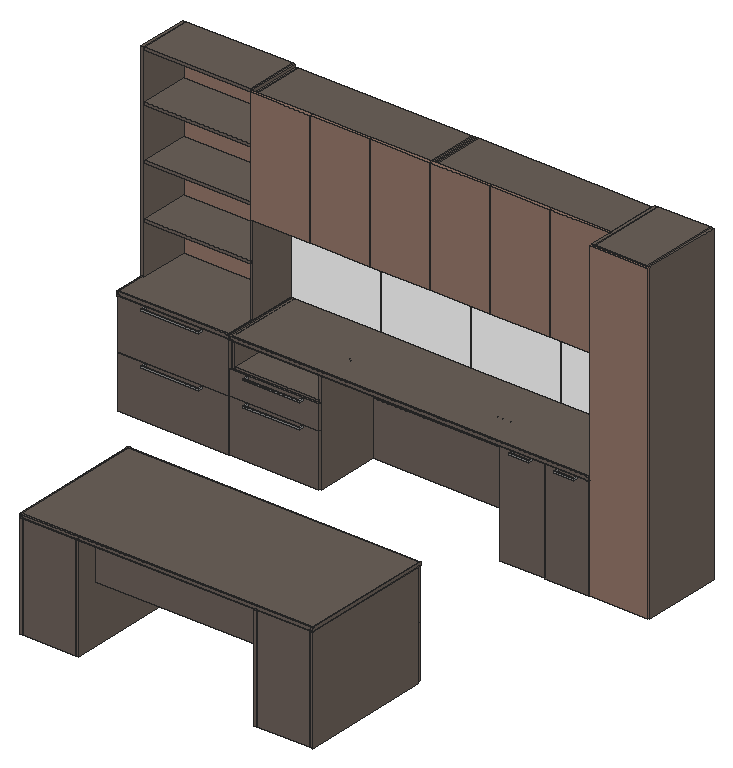
Revit family "OFS TYPICAL T100077", category Furniture, Revit 2022 (continued)
Definition of nested family "STAKS TWO-HIGH WALLMOUNT ORGANIZER WITH DOORS Three Doors"
  Forms (in)
    Extrusion 1, solid, material <- "Board Material"
      sketch origin (0, 0, 83.375) x (0, 1, 0) y (-1, 0, 0)
        loop
          line (-2.33365, -3.80498) -> (-15.33365, -3.80498) -> (-15.33365, -50.30498) -> (-2.33365, -50.30498) -> (-2.33365, -3.80498)
      from -28.5 to -29.25
    Extrusion 2, solid, material <- "Board Material"
      sketch origin (0, 0, 83.375) x (0, 1, 0) y (-1, 0, 0)
        loop
          line (-1.08365, -3.80498) -> (-1.08365, -3.05498) -> (-15.33365, -3.05498) -> (-15.33365, -3.80498) -> (-1.08365, -3.80498)
        loop
          line (-1.08365, -51.05498) -> (-1.08365, -50.30498) -> (-15.33365, -50.30498) -> (-15.33365, -51.05498) -> (-1.08365, -51.05498)
      from 0 to -30.5
    Extrusion 3, solid, material <- "Board Material"
      sketch origin (0, 0, 27.375) x (0, 1, 0) y (-1, 0, 0)
        loop
          line (-1.08365, -3.80498) -> (-15.33365, -3.80498) -> (-15.33365, -50.30498) -> (-1.08365, -50.30498) -> (-1.08365, -3.80498)
      from 56 to 54.9375
    Extrusion 4, solid, material <- "Back Material"
      sketch origin (30.99601, 21.63396, 83.375) x (0, 1, 0) y (-1, 0, 0)
        loop
          line (-23.21762, 27.19103) -> (-23.96762, 27.19103) -> (-23.96762, -19.30897) -> (-23.21762, -19.30897) -> (-23.21762, 27.19103)
      from -1.0625 to -30.5
    Extrusion 5, solid, material <- "Front Doors Material"
      sketch origin (15.4691, -10.89295, 83.375) x (0, 1, 0) y (-1, 0, 0)
        loop
          line (-4.4407, -19.5963) -> (-5.1907, -19.5963) -> (-5.1907, -35.52339) -> (-4.4407, -35.52339) -> (-4.4407, -19.5963)
      from 0.5 to -30
    Extrusion 6, solid, material <- "Front Doors Material"
      sketch origin (38.64087, -10.89295, 83.375) x (0, 1, 0) y (-1, 0, 0)
        loop
          line (-4.4407, 19.5963) -> (-4.4407, 35.52339) -> (-5.1907, 35.52339) -> (-5.1907, 19.5963) -> (-4.4407, 19.5963)
      from 0.5 to -30
    Extrusion 7, solid, material <- "Board Material"
      sketch origin (0, -9.75, 83.375) x (0, 1, 0) y (-1, 0, 0)
        loop
          line (-4.08365, -3.80498) -> (-4.83365, -3.80498) -> (-4.83365, -50.30498) -> (-4.08365, -50.30498) -> (-4.08365, -3.80498)
      from -29.25 to -30.5
    Extrusion 8, solid, material <- "Front Doors Material"
      sketch origin (50.64087, -10.89295, 83.375) x (0, 1, 0) y (-1, 0, 0)
        loop
          line (-4.4407, 15.63797) -> (-4.4407, 31.5338) -> (-5.1907, 31.5338) -> (-5.1907, 15.63797) -> (-4.4407, 15.63797)
      from 0.5 to -30
  Lines and regions (in)
    symbolic lines
      curve 1: arc (19.04456, -16.08365, 83.375) -> (18.95839, -17.73818, 83.375) -> (18.70081, -19.37481, 83.375) r 15.92708
      curve 2: line (18.70081, -19.37481, 83.375) -> (3.11748, -16.08365, 83.375)
      curve 3: arc (19.10706, -16.08365, 83.375) -> (19.19324, -17.73818, 83.375) -> (19.45081, -19.37481, 83.375) r 15.92708
      curve 4: line (19.45081, -19.37481, 83.375) -> (35.03415, -16.08365, 83.375)
      curve 5: arc (50.96123, -16.08365, 83.375) -> (50.87506, -17.73818, 83.375) -> (50.61748, -19.37481, 83.375) r 15.92708
      curve 6: line (50.61748, -19.37481, 83.375) -> (35.03415, -16.08365, 83.375)
  Dimensions and locks (in)
    "Width": plane 2 "LEFT" to plane 3 "RIGHT"
    "Height": plane 9 "SURFACE TOP" to plane 8
    "Board Thickness": plane 2 "LEFT" to plane 6
    "Board Thickness": plane 7 to plane 3 "RIGHT"
    "Height Above Floor": plane 9 "SURFACE TOP" to level
    equal spacing: plane 2 "LEFT", plane 10, plane 3 "RIGHT"
    "Top Board Thickness": plane 9 "SURFACE TOP" to plane 11
    equal spacing: plane 4 "BACK", plane 12, plane 5 "FRONT"
    equal spacing: plane 13, plane 12, plane 14
    "Board Thickness": plane 13 to plane 14
    equal spacing: plane 16, plane 10, plane 15
    "Board Thickness": plane 16 to plane 15
    "Depth": plane 17 to plane 18
    "Board Thickness": plane 17 to plane 4 "BACK"
    "Board Thickness": plane 5 "FRONT" to plane 18
    locked: plane 19 to plane 3 "RIGHT" at 0.0625
    locked: plane 2 "LEFT" to plane 20 at 0.0625
    plane 22 to plane 10 to plane 21 = 0' - 0 1/32" locked, 0' - 0 1/32" locked
    locked: plane 23 to plane 8 at 1.25
    "Board Thickness": plane 24 to plane 23
    locked: plane 17 to plane 25 at 0.5
    "Board Thickness": plane 25 to plane 26
    locked: plane 28 to plane 5 "FRONT" at 0.75
    "Board Thickness": plane 27 to plane 28
    equal spacing: plane 31, plane 29, plane 30
    "Board Thickness": plane 31 to plane 30
    plane 33 to plane 29 to plane 32 = 0' - 0 1/32" locked, 0' - 0 1/32" locked
    equal spacing: plane 36, plane 34, plane 35
    "Board Thickness": plane 36 to plane 35
    plane 38 to plane 34 to plane 37 = 0' - 0 1/32" locked, 0' - 0 1/32" locked
    equal spacing: plane 20, plane 34, plane 29, plane 19
    plane 40 to plane 9 "SURFACE TOP" = 0' - 0 1/2"
    locked: plane 39 to plane 8 at 0.5
    aligned: level to plane 1
    aligned and locked: plane 6 to Extrusion 1 sketch curve
    aligned and locked: plane 5 "FRONT" to Extrusion 1 sketch curve
    aligned and locked: Extrusion 1 sketch curve to plane 7
    aligned and locked: Extrusion 2 sketch curve to plane 5 "FRONT"
    aligned and locked: Extrusion 2 sketch curve to plane 2 "LEFT"
    aligned and locked: plane 3 "RIGHT" to Extrusion 2 sketch curve
    aligned and locked: plane 9 "SURFACE TOP" to Extrusion 3
    aligned and locked: Extrusion 3 to plane 11
    aligned and locked: Extrusion 3 to plane 5 "FRONT"
    aligned and locked: Extrusion 3 to plane 6
    aligned and locked: plane 7 to Extrusion 3
    aligned and locked: Extrusion 4 to plane 8
    aligned and locked: plane 5 "FRONT" to Extrusion 5
    aligned and locked: Extrusion 5 to plane 18
    aligned and locked: plane 5 "FRONT" to Extrusion 6
    aligned and locked: Extrusion 6 to plane 18
    aligned and locked: Extrusion 3 to plane 17
    aligned and locked: Extrusion 2 to plane 17
    aligned and locked: Extrusion 4 to plane 6
    aligned and locked: plane 7 to Extrusion 4
    aligned and locked: plane 11 to Extrusion 4
    aligned and locked: Extrusion 4 to plane 25
    aligned and locked: Extrusion 4 to plane 26
    aligned and locked: plane 26 to Extrusion 1
    aligned and locked: Extrusion 7 to plane 8
    aligned and locked: plane 23 to Extrusion 7
    aligned and locked: plane 28 to Extrusion 7
    aligned and locked: Extrusion 7 to plane 27
    aligned and locked: Extrusion 7 to plane 6
    aligned and locked: plane 7 to Extrusion 7
    aligned and locked: Extrusion 2 to plane 8
    aligned and locked: Extrusion 1 to plane 23
    aligned and locked: plane 24 to Extrusion 1
    aligned and locked: Extrusion 6 to plane 20
    aligned and locked: plane 19 to Extrusion 5
    aligned and locked: Extrusion 6 to plane 37
    aligned and locked: Extrusion 5 to plane 32
    aligned and locked: Extrusion 8 to plane 38
    aligned and locked: plane 33 to Extrusion 8
    aligned and locked: plane 5 "FRONT" to Extrusion 8
    aligned and locked: Extrusion 8 to plane 18
    aligned and locked: plane 35 to curve 1
    aligned and locked: Extrusion 6 to plane 39
    aligned and locked: Extrusion 8 to plane 39
    aligned and locked: Extrusion 5 to plane 39
    aligned and locked: plane 40 to Extrusion 6
    aligned and locked: plane 40 to Extrusion 8
    aligned and locked: plane 40 to Extrusion 5
  Automatic sketch dimensions
    Extrusion 1 sketch curve to plane 26 = 0' - 0"
    Extrusion 2 sketch curve to plane 5 "FRONT" = 0' - 0"
    Extrusion 2 sketch curve to plane 7 = 0' - 0"
    Extrusion 2 sketch curve to plane 17 = 0' - 0"  (x2)
    Extrusion 2 sketch curve to plane 6 = 0' - 0"
    Extrusion 3 sketch curve to plane 5 "FRONT" = 0' - 0"
    Extrusion 3 sketch curve to plane 6 = 0' - 0"
    Extrusion 3 sketch curve to plane 17 = 0' - 0"
    Extrusion 3 sketch curve to plane 7 = 0' - 0"
    Extrusion 4 sketch curve to plane 6 = 0' - 0"
    Extrusion 4 sketch curve to plane 26 = 0' - 0"
    Extrusion 4 sketch curve to plane 25 = 0' - 0"
    Extrusion 4 sketch curve to plane 7 = 0' - 0"
    Extrusion 5 sketch curve to plane 18 = 0' - 0"
    Extrusion 5 sketch curve to plane 5 "FRONT" = 0' - 0"
    Extrusion 5 sketch curve to plane 19 = 0' - 0"
    Extrusion 5 sketch curve to plane 32 = 0' - 0"
    curve 3 to curve 5 = 0' - 0"  (x2)
    curve 4 to plane 36 = 0' - 0"
    curve 4 to plane 18 = 0' - 0"
    curve 6 to plane 29 = 0' - 0"
    curve 3 to plane 18 = 0' - 0"
    curve 2 to plane 18 = 0' - 0"
    curve 1 to plane 18 = 0' - 0"
    curve 3 to plane 29 = 0' - 0"
    curve 3 to plane 38 = 0' - 0"
    curve 1 to plane 37 = 0' - 0"
    curve 1 to plane 20 = 0' - 0"
    curve 2 to plane 20 = 0' - 0"
    plane 7 to curve 6 = 0' - 0 5/16"
    curve 6 to plane 18 = 0' - 3.29116"
    Extrusion 6 sketch curve to plane 18 = 0' - 0"
    Extrusion 6 sketch curve to plane 5 "FRONT" = 0' - 0"
    Extrusion 6 sketch curve to plane 20 = 0' - 0"
    Extrusion 6 sketch curve to plane 37 = 0' - 0"
    Extrusion 7 sketch curve to plane 6 = 0' - 0"
    Extrusion 7 sketch curve to plane 28 = 0' - 0"
    Extrusion 7 sketch curve to plane 27 = 0' - 0"
    Extrusion 7 sketch curve to plane 7 = 0' - 0"
    Extrusion 8 sketch curve to plane 18 = 0' - 0"
    Extrusion 8 sketch curve to plane 5 "FRONT" = 0' - 0"
    Extrusion 8 sketch curve to plane 38 = 0' - 0"
    Extrusion 8 sketch curve to plane 33 = 0' - 0"
Definition of nested family "STAKS MODESTY PANEL - Veneer _ Wood Grain _ Frosted"
  Parameters (values of type "STAKS MODESTY PANEL FROSTED ACRYLIC 29.938-12")
    URL = "http://www.ofs.com"
    Thickness = 0' - 0 1/4"
    Width = 2' - 5 15/16"
    Model = "6-AMPA"
    Manufacturer = "OFS"
    WDVNR/PNT = no
    WDGRN/TFL = no
    FROSTED = yes
    Description = "OFS STAKS MODESTY PANEL FROSTED ACRYLIC 29.9375-12 X .75, For Desks or Worksurface Height Tops"
    Default Elevation = 0' - 0"
    Copyright © = "©OFS 2018"
    Catalog = "https://ofs.com/products/casegoods/private-office/staks"
    BRKT L/R = no
    BRKT CNTR = no
    Authoring Version = "Autodesk Revit Architecture 2013"
    Assembly Code = "E2020200"
  Types (12): name | Thickness | Width | Model | WDVNR/PNT | WDGRN/TFL | FROSTED | Description | BRKT L/R | BRKT CNTR
    STAKS MODESTY PANEL WOOD VENEER 29.938-12 | 0' - 0 3/4" | 2' - 5.938" | "6-WMPA" | yes | no | no | "OFS STAKS MODESTY PANEL WOOD VENEER 29.9375-12 X .75, For Desks or Worksurface Height Tops" | yes | no
    STAKS MODESTY PANEL WOOD VENEER 47.9375-30 | 0' - 0 3/4" | 3' - 11 15/16" | "6-WMPB" | yes | no | no | "OFS STAKS MODESTY PANEL WOOD VENEER 47.9375-30 X .75, For Desks or Worksurface Height Tops" | yes | no
    STAKS MODESTY PANEL WOOD VENEER 65.9375-48 | 0' - 0 3/4" | 5' - 5 15/16" | "6-WMPC" | yes | no | no | "OFS STAKS MODESTY PANEL WOOD VENEER 65.9375-48 X .75, For Desks or Worksurface Height Tops" | yes | no
    STAKS MODESTY PANEL WOOD VENEER 84-66 | 0' - 0 3/4" | 7' - 0" | "6-WMPD" | yes | no | no | "OFS STAKS MODESTY PANEL WOOD VENEER 84-66 X .75, For Desks or Worksurface Height Tops" | yes | yes
    STAKS MODESTY PANEL TFL WOOD GRAIN AND TFL SOLID COLORS 29.938-12 | 0' - 0 3/4" | 2' - 5 15/16" | "6-KMPA" | no | yes | no | "OFS STAKS MODESTY PANEL TFL WOOD GRAIN AND TFL SOLID COLORS 29.9375-12 X .75, For Desks or Worksurface Height Tops" | yes | no
    STAKS MODESTY PANEL TFL WOOD GRAIN AND TFL SOLID COLORS 47.9375-30 | 0' - 0 3/4" | 3' - 11 15/16" | "6-KMPB" | no | yes | no | "OFS STAKS MODESTY PANEL TFL WOOD GRAIN AND TFL SOLID COLORS 47.9375-30 X .75, For Desks or Worksurface Height Tops" | yes | no
    STAKS MODESTY PANEL TFL WOOD GRAIN AND TFL SOLID COLORS 65.9375-48 | 0' - 0 3/4" | 5' - 5 15/16" | "6-KMPC" | no | yes | no | "OFS STAKS MODESTY PANEL TFL WOOD GRAIN AND TFL SOLID COLORS 65.9375-48 X .75, For Desks or Worksurface Height Tops" | yes | no
    STAKS MODESTY PANEL TFL WOOD GRAIN AND TFL SOLID COLORS 84-66 | 0' - 0 3/4" | 7' - 0" | "6-KMPD" | no | yes | no | "OFS STAKS MODESTY PANEL TFL WOOD GRAIN AND TFL SOLID COLORS 84-66 X .75, For Desks or Worksurface Height Tops" | yes | yes
    STAKS MODESTY PANEL FROSTED ACRYLIC 29.938-12 | 0' - 0 1/4" | 2' - 5 15/16" | "6-AMPA" | no | no | yes | "OFS STAKS MODESTY PANEL FROSTED ACRYLIC 29.9375-12 X .75, For Desks or Worksurface Height Tops" | no | no
    STAKS MODESTY PANEL FROSTED ACRYLIC 47.938-30 | 0' - 0 1/4" | 3' - 11 15/16" | "6-AMPB" | no | no | yes | "OFS STAKS MODESTY PANEL FROSTED ACRYLIC 47.9375-30 X .75, For Desks or Worksurface Height Tops" | no | no
    STAKS MODESTY PANEL FROSTED ACRYLIC 65.938-48 | 0' - 0 1/4" | 5' - 5 15/16" | "6-AMPC" | no | no | yes | "OFS STAKS MODESTY PANEL FROSTED ACRYLIC 65.9375-48 X .75, For Desks or Worksurface Height Tops" | no | no
    STAKS MODESTY PANEL FROSTED ACRYLIC 84-66 | 0' - 0 1/4" | 7' - 0" | "6-AMPD" | no | no | yes | "OFS STAKS MODESTY PANEL FROSTED ACRYLIC 84-66 X .75, For Desks or Worksurface Height Tops" | no | no
  Reference planes (in)
    plane 1: z = 0
    plane 2 "Back": y = 1.62535
    plane 3 "MOUNTING LEVEL": z = 27.375
    plane 4 "RIGHT": x = -2.531
    plane 5: x = 12.43775
    plane 6: x = -17.49975
    plane 7: y = 1.37535
    plane 8: z = 26.875
    plane 9: z = 15.125
    plane 10: x = -14.12475
    plane 11: x = 9.06275
  Forms (in)
    Extrusion 1, solid, visible <- "WDVNR/PNT"
      sketch origin (-21.5, 2.25, 14.94485) x (0, 1, 0) y (0, 0, 1)
        loop
          line (-0.87465, 11.93015) -> (-0.87465, 0.18015) -> (-0.62465, 0.18015) -> (-0.62465, 11.93015) -> (-0.87465, 11.93015)
      from 4.00025 to 33.93775
    Extrusion 2, solid, visible <- "WDGRN/TFL"
      sketch origin (-21.65252, 0.50666, 14.94485) x (0, 1, 0) y (0, 0, 1)
        loop
          line (0.86869, 11.93015) -> (0.86869, 0.18015) -> (1.11869, 0.18015) -> (1.11869, 11.93015) -> (0.86869, 11.93015)
      from 4.15277 to 34.09027
    Extrusion 3, solid, not visible
      sketch origin (-21.65252, -2.24334, 14.94485) x (0, 1, 0) y (0, 0, 1)
        loop
          line (3.61869, 11.93015) -> (3.61869, 0.18015) -> (3.86869, 0.18015) -> (3.86869, 11.93015) -> (3.61869, 11.93015)
      from 4.15277 to 34.09027
    Extrusion 4, solid, visible <- "FROSTED"
      sketch origin (-21.65252, -5.24334, 14.94485) x (0, 1, 0) y (0, 0, 1)
        loop
          line (6.61869, 11.93015) -> (6.61869, 0.18015) -> (6.86869, 0.18015) -> (6.86869, 11.93015) -> (6.61869, 11.93015)
      from 4.15277 to 34.09027
  Lines and regions (in)
    Masking region 1, visible <- "WDVNR/PNT"
      outline origin (0, 0, 27.375) x (-1, 0, 0) y (0, -1, 0)
        loop
          line (17.49975, -1.62535) -> (17.49975, -1.37535) -> (-12.43775, -1.37535) -> (-12.43775, -1.62535) -> (17.49975, -1.62535)
    Masking region 2, visible <- "WDGRN/TFL"
      outline origin (-0.15252, -1.74334, 27.375) x (-1, 0, 0) y (0, -1, 0)
        loop
          line (17.34723, -3.36869) -> (17.34723, -3.11869) -> (-12.59027, -3.11869) -> (-12.59027, -3.36869) -> (17.34723, -3.36869)
    Masking region 3, not visible
      outline origin (-0.15252, -4.49334, 27.375) x (-1, 0, 0) y (0, -1, 0)
        loop
          line (17.34723, -6.11869) -> (17.34723, -5.86869) -> (-12.59027, -5.86869) -> (-12.59027, -6.11869) -> (17.34723, -6.11869)
    Masking region 4, visible <- "FROSTED"
      outline origin (-0.15252, -43.24334, 27.375) x (-1, 0, 0) y (0, -1, 0)
        loop
          line (17.34723, -44.86869) -> (17.34723, -44.61869) -> (-12.59027, -44.61869) -> (-12.59027, -44.86869) -> (17.34723, -44.86869)
    Masking region 5, visible <- "BRKT L/R"
      outline origin (0, 0, 27.375) x (-1, 0, 0) y (0, -1, 0)
        loop
          line (11.37475, -1.37535) -> (14.12475, -1.37535) -> (14.12475, -0.12535)
          arc (14.12475, -0.12535) -> (14.05153, 0.05143) -> (13.87475, 0.12465) r 0.25
          line (13.87475, 0.12465) -> (11.62475, 0.12465)
          arc (11.62475, 0.12465) -> (11.44797, 0.05143) -> (11.37475, -0.12535) r 0.25
          line (11.37475, -0.12535) -> (11.37475, -1.37535)
    Masking region 6, visible <- "BRKT CNTR"
      outline origin (11, 0, 27.375) x (-1, 0, 0) y (0, -1, 0)
        loop
          line (12.156, -1.37535) -> (14.906, -1.37535) -> (14.906, -0.12535)
          arc (14.906, -0.12535) -> (14.83278, 0.05143) -> (14.656, 0.12465) r 0.25
          line (14.656, 0.12465) -> (12.406, 0.12465)
          arc (12.406, 0.12465) -> (12.22922, 0.05143) -> (12.156, -0.12535) r 0.25
          line (12.156, -0.12535) -> (12.156, -1.37535)
    Masking region 7, visible <- "BRKT L/R"
      outline origin (23.25, 0, 27.375) x (-1, 0, 0) y (0, -1, 0)
        loop
          line (14.18725, -1.37535) -> (16.93725, -1.37535) -> (16.93725, -0.12535)
          arc (16.93725, -0.12535) -> (16.86403, 0.05143) -> (16.68725, 0.12465) r 0.25
          line (16.68725, 0.12465) -> (14.43725, 0.12465)
          arc (14.43725, 0.12465) -> (14.26047, 0.05143) -> (14.18725, -0.12535) r 0.25
          line (14.18725, -0.12535) -> (14.18725, -1.37535)
  Dimensions and locks (in)
    locked: plane 3 "MOUNTING LEVEL" to plane 1 at 27.375
    equal spacing: plane 6, plane 4 "RIGHT", plane 5
    "Width": plane 6 to plane 5
    "Thickness": plane 7 to plane 2 "Back"
    locked: plane 3 "MOUNTING LEVEL" to plane 8 at 0.5
    locked: plane 8 to plane 9 at 11.75
    locked: plane 6 to plane 10 at 3.375
    locked: plane 11 to plane 5 at 3.375
    aligned and locked: level to plane 1
    aligned and locked: Extrusion 1 to plane 6
    aligned and locked: Extrusion 1 to plane 2 "Back"
    aligned and locked: plane 7 to Extrusion 1
    aligned and locked: plane 5 to Extrusion 1
    aligned and locked: Extrusion 2 to plane 6
    aligned and locked: Masking region 2 to plane 6
    aligned and locked: plane 5 to Extrusion 2
    aligned and locked: plane 5 to Masking region 2
    aligned and locked: plane 5 to Extrusion 3
    aligned and locked: plane 5 to Masking region 3
    aligned and locked: Extrusion 3 to plane 6
    aligned and locked: Masking region 3 to plane 6
    aligned and locked: Extrusion 4 to plane 6
    aligned and locked: Masking region 4 to plane 6
    aligned and locked: plane 5 to Extrusion 4
    aligned and locked: plane 5 to Masking region 4
    aligned and locked: Extrusion 2 to plane 2 "Back"
    aligned and locked: Masking region 2 to plane 2 "Back"
    aligned and locked: plane 7 to Extrusion 2
    aligned and locked: plane 7 to Masking region 2
    aligned and locked: Extrusion 3 to plane 2 "Back"
    aligned and locked: Masking region 3 to plane 2 "Back"
    aligned and locked: plane 7 to Extrusion 3
    aligned and locked: plane 7 to Masking region 3
    aligned and locked: Extrusion 4 to plane 2 "Back"
    aligned and locked: Masking region 4 to plane 2 "Back"
    aligned and locked: plane 7 to Extrusion 4
    aligned and locked: plane 7 to Masking region 4
    aligned: plane 8 to Extrusion 4
    aligned: plane 8 to Extrusion 3
    aligned: plane 8 to Extrusion 2
    aligned and locked: plane 8 to Extrusion 1
    aligned and locked: Extrusion 4 to plane 9
    aligned and locked: Extrusion 3 to plane 9
    aligned and locked: Extrusion 2 to plane 9
    aligned and locked: Extrusion 1 to plane 9
    aligned and locked: plane 8 to Extrusion 4
    aligned and locked: plane 8 to Extrusion 3
    aligned and locked: plane 8 to Extrusion 2
    aligned and locked: plane 3 "MOUNTING LEVEL" to nested 1
    aligned and locked: plane 7 to nested 1
    aligned and locked: plane 3 "MOUNTING LEVEL" to nested 2
    aligned and locked: plane 3 "MOUNTING LEVEL" to nested 3
    aligned and locked: nested 2 to plane 10
    aligned and locked: nested 3 to plane 11
    aligned and locked: plane 7 to nested 2
    aligned and locked: plane 7 to nested 3
    aligned and locked: Masking region 6 to nested 1  (x2)
    aligned and locked: Masking region 7 to plane 11
    aligned and locked: Masking region 7 to nested 3
  Automatic sketch dimensions
    Extrusion 1 sketch curve to plane 7 = 0' - 0"
    Extrusion 1 sketch curve to plane 2 "Back" = 0' - 0"
    Extrusion 1 sketch curve to plane 9 = 0' - 0"
    Extrusion 1 sketch curve to plane 8 = 0' - 0"
    plane 2 "Back" to Masking region 1 sketch curve = 0' - 0"
    Masking region 1 sketch curve to plane 5 = 0' - 0"
    Masking region 1 sketch curve to plane 6 = 0' - 0"
    plane 7 to Masking region 1 sketch curve = 0' - 0"
    Extrusion 2 sketch curve to plane 7 = 0' - 0"
    Extrusion 2 sketch curve to plane 2 "Back" = 0' - 0"
    Extrusion 2 sketch curve to plane 9 = 0' - 0"
    Extrusion 2 sketch curve to plane 8 = 0' - 0"
    plane 2 "Back" to Masking region 2 sketch curve = 0' - 0"
    Masking region 2 sketch curve to plane 5 = 0' - 0"
    Masking region 2 sketch curve to plane 6 = 0' - 0"
    plane 7 to Masking region 2 sketch curve = 0' - 0"
    Extrusion 3 sketch curve to plane 7 = 0' - 0"
    Extrusion 3 sketch curve to plane 2 "Back" = 0' - 0"
    Extrusion 3 sketch curve to plane 9 = 0' - 0"
    Extrusion 3 sketch curve to plane 8 = 0' - 0"
    plane 2 "Back" to Masking region 3 sketch curve = 0' - 0"
    Masking region 3 sketch curve to plane 5 = 0' - 0"
    Masking region 3 sketch curve to plane 6 = 0' - 0"
    plane 7 to Masking region 3 sketch curve = 0' - 0"
    Extrusion 4 sketch curve to plane 7 = 0' - 0"
    Extrusion 4 sketch curve to plane 2 "Back" = 0' - 0"
    Extrusion 4 sketch curve to plane 9 = 0' - 0"
    Extrusion 4 sketch curve to plane 8 = 0' - 0"
    plane 2 "Back" to Masking region 4 sketch curve = 0' - 0"
    Masking region 4 sketch curve to plane 5 = 0' - 0"
    Masking region 4 sketch curve to plane 6 = 0' - 0"
    plane 7 to Masking region 4 sketch curve = 0' - 0"
    plane 7 to Masking region 5 sketch curve = 0' - 0"
    Masking region 5 sketch curve to plane 10 = 0' - 0"
    plane 10 to Masking region 5 sketch curve = 0' - 0 1/4"
    Masking region 5 sketch curve to Masking region 5 sketch curve = 0' - 2 1/4"
    Masking region 5 sketch curve to Masking region 5 sketch curve = 0' - 0 1/4"
    plane 7 to Masking region 5 sketch curve = 0' - 1 1/4"
    plane 7 to Masking region 6 sketch curve = 0' - 0"
    plane 4 "RIGHT" to Masking region 6 sketch curve = 0' - 1 3/8"
    Masking region 6 sketch curve to Masking region 6 sketch curve = 0' - 0 1/4"  (x2)
    Masking region 6 sketch curve to plane 4 "RIGHT" = 0' - 1 1/8"
    Masking region 6 sketch curve to Masking region 6 sketch curve = 0' - 1 1/4"
    plane 7 to Masking region 7 sketch curve = 0' - 0"
    plane 11 to Masking region 7 sketch curve = 0' - 0"
    Masking region 7 sketch curve to Masking region 7 sketch curve = 0' - 0 1/4"  (x2)
    Masking region 7 sketch curve to Masking region 7 sketch curve = 0' - 2 1/4"
    Masking region 7 sketch curve to Masking region 7 sketch curve = 0' - 1 1/4"
  Nested families (in)
    nested 1: "MP BRKT" at (-2.531, 1.37535, 25.375), visible <- "BRKT CNTR", type "6-MPB-1"
    nested 2: "MP BRKT" at (-12.74975, 1.37535, 25.375), visible <- "BRKT L/R", type "6-MPB-1"
    nested 3: "MP BRKT" at (7.68775, 1.37535, 25.375), visible <- "BRKT L/R", type "6-MPB-1"
  Definition of nested family "MP BRKT"
    Parameters
      Default Elevation = 0' - 0"
    Reference planes (in)
      plane 1 "Center (Front/Back)": y = 0
      plane 2: z = 0
      plane 3 "Center (Left/Right)": x = 0
    Forms (in)
      Extrusion 1, solid
        sketch origin (-1.375, 0, 0) x (0, 1, 0) y (0, 0, 1)
          loop
            line (0, 0) -> (0, 1.625)
            arc (0, 1.625) -> (-0.10983, 1.89017) -> (-0.375, 2) r 0.375
            line (-0.375, 2) -> (-1.5, 2) -> (-1.5, 1.75) -> (-0.375, 1.75)
            arc (-0.375, 1.75) -> (-0.28661, 1.71339) -> (-0.25, 1.625) r 0.125
            line (-0.25, 1.625) -> (-0.25, 0) -> (0, 0)
        from 0 to 2.75
      Extrusion 2, void
        sketch origin (0, 0, 0) x (1, 0, 0) y (0, 1, 0)
          loop
            line (-1.375, -1.5) -> (-1.125, -1.5)
            arc (-1.125, -1.5) -> (-1.30178, -1.42678) -> (-1.375, -1.25) r 0.25
            line (-1.375, -1.25) -> (-1.375, -1.5)
        from 1.75 to 2
      Extrusion 3, void
        sketch origin (0, 0, 0) x (-1, 0, 0) y (0, -1, 0)
          loop
            line (-1.375, 1.5) -> (-1.375, 1.25)
            arc (-1.375, 1.25) -> (-1.30178, 1.42678) -> (-1.125, 1.5) r 0.25
            line (-1.125, 1.5) -> (-1.375, 1.5)
        from 1.75 to 2
      Extrusion 4, void
        sketch origin (0, -2, 1.5) x (1, 0, 0) y (0, 0, -1)
          loop
            line (-1.375, 1.5) -> (-1.375, 1.25)
            arc (-1.375, 1.25) -> (-1.30178, 1.42678) -> (-1.125, 1.5) r 0.25
            line (-1.125, 1.5) -> (-1.375, 1.5)
        from 1.75 to 2
      Extrusion 5, void
        sketch origin (0, -2, 1.5) x (-1, 0, 0) y (0, 0, 1)
          loop
            line (-1.375, -1.5) -> (-1.125, -1.5)
            arc (-1.125, -1.5) -> (-1.30178, -1.42678) -> (-1.375, -1.25) r 0.25
            line (-1.375, -1.25) -> (-1.375, -1.5)
        from 1.75 to 2
    Cuts and joins
      Extrusion 2, Extrusion 3, Extrusion 4, Extrusion 5 cuts Extrusion 1
    Dimensions and locks (in)
      aligned and locked: Extrusion 1 to Extrusion 2
      aligned and locked: Extrusion 2 to Extrusion 1
Definition of nested family "OFS STAKS Desk Height Media Panels - Markerboard"
  Parameters (values of type "Desk Height Media Panel 43H")
    Width [instance] = 2' - 0"
    URL = "http://ofs.com/"
    Total Width [instance] = Width + Plus Fraction  # 2' - 0"
    Plus Fraction [instance] = 0' - 0"
    Panel Height = 3' - 7"
    Model = "6-L43MP"
    Manufacturer = "OFS"
    Height From Floor = 2' - 5"
    Finish = none
    Description = "OFS STAKS Desk Height Media Panel 31H"
    Depth = 0' - 1 3/8"
    Default Elevation = 0' - 0"
    Copyright © = "©OFS 2025"
    Catalog = ""
    Authoring Version = "Autodesk Revit 2022"
    Assembly Code = "E2020200"
  Types (6): name | Panel Height | Model | Description
    (no name) | 3' - 7" | "6-L43MP" | "OFS STAKS Desk Height Media Panel 31H"
    Desk Height Media Panel 24.5H | 2' - 0 1/2" | "6-L24MP" | "OFS STAKS Desk Height Media Panel 24.5H"
    Desk Height Media Panel 28H | 2' - 4" | "6-L28MP" | "OFS STAKS Desk Height Media Panel 28H"
    Desk Height Media Panel 31H | 2' - 7" | "6-L31MP" | "OFS STAKS Desk Height Media Panel 31H"
    Desk Height Media Panel 33H | 2' - 9" | "6-L33MP" | "OFS STAKS Desk Height Media Panel 31H"
    Desk Height Media Panel 43H | 3' - 7" | "6-L43MP" | "OFS STAKS Desk Height Media Panel 31H"
  Reference planes (in)
    plane 1 "Center Front/Back": y = 0
    plane 2: z = 0
    plane 3 "Center Left/Right": x = 0
    plane 4: x = 12
    plane 5: z = 72
    plane 6: z = 29
    plane 7: x = -12
    plane 8: y = -1.375
  Forms (in)
    Extrusion 1, solid, material <- "Finish"
      sketch origin (0, 0, 0) x (1, 0, 0) y (0, 1, 0)
        loop
          line (-12, 0) -> (-12, -1.375) -> (12, -1.375) -> (12, 0) -> (-12, 0)
      from 29 to 72
  Dimensions and locks (in)
    "Panel Height": plane 5 to plane 6
    "Height From Floor": plane 6 to level
    equal spacing: plane 7, plane 3 "Center Left/Right", plane 4
    "Width": plane 7 to plane 4
    "Depth": plane 8 to plane 1 "Center Front/Back"
    aligned and locked: level to plane 2
    aligned and locked: plane 8 to Extrusion 1 sketch curve
    aligned and locked: plane 1 "Center Front/Back" to Extrusion 1 sketch curve
    aligned and locked: plane 4 to Extrusion 1 sketch curve
    aligned and locked: plane 7 to Extrusion 1 sketch curve
    aligned and locked: Extrusion 1 to plane 5
    aligned and locked: Extrusion 1 to plane 6
Definition of nested family "STAKS BENCHING RECTANGULAR WORKSURFACES"
  Parameters (values of type "STAKS BENCHING RECTANGULAR WORKSURFACE 48 X 22")
    URL = "https://www.ofs.com/"
    SURFACE DEPTH = 1' - 10"
    Model = "6-MCT-48/22"
    Manufacturer = "OFS"
    Description = "OFS STAKS BENCHING 48 X 22 RECTANGULAR WORKSURFACE"
    SURFACE WIDTH = 4' - 0"
    Default Elevation = 0' - 0"
    Copyright © = "© 2018 OFS"
    Catalog = "https://ofs.com/products/open-plan/benching/staks"
    Authoring Version = "Autodesk Revit Architecture 2013"
    Assembly Code = "E2020200"
  Types (21): name | SURFACE DEPTH | Model | Description | SURFACE WIDTH
    STAKS BENCHING RECTANGULAR WORKSURFACE 48 X 22 | 1' - 10" | "6-MCT-48/22" | "OFS STAKS BENCHING 48 X 22 RECTANGULAR WORKSURFACE" | 4' - 0"
    STAKS BENCHING RECTANGULAR WORKSURFACE 60 X 22 | 1' - 10" | "6-MCT-60/22" | "OFS STAKS BENCHING 60 X 22 RECTANGULAR WORKSURFACE" | 5' - 0"
    STAKS BENCHING RECTANGULAR WORKSURFACE 72 X 22 | 1' - 10" | "6-MCT-72/22" | "OFS STAKS BENCHING 72 X 22 RECTANGULAR WORKSURFACE" | 6' - 0"
    STAKS BENCHING RECTANGULAR WORKSURFACE 60 X 36 | 3' - 0" | "6-MCT-60/36" | "OFS STAKS BENCHING 60 X 36 RECTANGULAR WORKSURFACE" | 5' - 0"
    STAKS BENCHING RECTANGULAR WORKSURFACE 72 X 36 | 3' - 0" | "6-MCT-72/36" | "OFS STAKS BENCHING 72 X 36 RECTANGULAR WORKSURFACE" | 6' - 0"
    STAKS BENCHING RECTANGULAR WORKSURFACE 60 X 30 | 2' - 6" | "6-MCT-60/30" | "OFS STAKS BENCHING 60 X 30 RECTANGULAR WORKSURFACE" | 5' - 0"
    STAKS BENCHING RECTANGULAR WORKSURFACE 72 X 30 | 2' - 6" | "6-MCT-72/30" | "OFS STAKS BENCHING 72 X 30 RECTANGULAR WORKSURFACE" | 6' - 0"
    STAKS BENCHING RECTANGULAR WORKSURFACE 48 X 30 | 2' - 6" | "6-MCT-48/30" | "OFS STAKS BENCHING 48 X 30 RECTANGULAR WORKSURFACE" | 4' - 0"
    STAKS BENCHING RECTANGULAR WORKSURFACE 48 X 36 | 3' - 0" | "6-MCT-48/36" | "OFS STAKS BENCHING 48 X 36 RECTANGULAR WORKSURFACE" | 4' - 0"
    STAKS BENCHING RECTANGULAR WORKSURFACE 54 X 22 | 1' - 10" | "6-MCT-54/22" | "OFS STAKS BENCHING 54 X 22 RECTANGULAR WORKSURFACE" | 4' - 6"
    STAKS BENCHING RECTANGULAR WORKSURFACE 66 X 22 | 1' - 10" | "6-MCT-66/22" | "OFS STAKS BENCHING 66 X 22 RECTANGULAR WORKSURFACE" | 5' - 6"
    STAKS BENCHING RECTANGULAR WORKSURFACE 78 X 22 | 1' - 10" | "6-MCT-78/22" | "OFS STAKS BENCHING 78 X 22 RECTANGULAR WORKSURFACE" | 6' - 6"
    STAKS BENCHING RECTANGULAR WORKSURFACE 84 X 22 | 1' - 10" | "6-MCT-84/22" | "OFS STAKS BENCHING 84 X 22 RECTANGULAR WORKSURFACE" | 7' - 0"
    STAKS BENCHING RECTANGULAR WORKSURFACE 54 X 30 | 2' - 6" | "6-MCT-54/30" | "OFS STAKS BENCHING 54 X 30 RECTANGULAR WORKSURFACE" | 4' - 6"
    STAKS BENCHING RECTANGULAR WORKSURFACE 66 X 30 | 2' - 6" | "6-MCT-66/30" | "OFS STAKS BENCHING 66 X 30 RECTANGULAR WORKSURFACE" | 5' - 6"
    STAKS BENCHING RECTANGULAR WORKSURFACE 78 X 30 | 2' - 6" | "6-MCT-78/30" | "OFS STAKS BENCHING 78 X 30 RECTANGULAR WORKSURFACE" | 6' - 6"
    STAKS BENCHING RECTANGULAR WORKSURFACE 84 X 30 | 2' - 6" | "6-MCT-84/30" | "OFS STAKS BENCHING 84 X 30 RECTANGULAR WORKSURFACE" | 7' - 0"
    STAKS BENCHING RECTANGULAR WORKSURFACE 54 X 36 | 3' - 0" | "6-MCT-54/36" | "OFS STAKS BENCHING 54 X 36 RECTANGULAR WORKSURFACE" | 4' - 6"
    STAKS BENCHING RECTANGULAR WORKSURFACE 66 X 36 | 3' - 0" | "6-MCT-66/36" | "OFS STAKS BENCHING 66 X 36 RECTANGULAR WORKSURFACE" | 5' - 6"
    STAKS BENCHING RECTANGULAR WORKSURFACE 78 X 36 | 3' - 0" | "6-MCT-78/36" | "OFS STAKS BENCHING 78 X 36 RECTANGULAR WORKSURFACE" | 6' - 6"
    STAKS BENCHING RECTANGULAR WORKSURFACE 84 X 36 | 3' - 0" | "6-MCT-84/36" | "OFS STAKS BENCHING 84 X 36 RECTANGULAR WORKSURFACE" | 6' - 6"
  Reference planes (in)
    plane 1: z = -0.125
    plane 2 "LEFT": x = 7.55498
    plane 3 "RIGHT": x = 55.55498
    plane 4 "BACK": y = -1.83365
    plane 5 "FRONT": y = -23.83365
    plane 6: x = 7.67998
    plane 7: x = 55.42998
    plane 8: y = -1.95865
    plane 9: y = -23.70865
    plane 10: z = 27.75
    plane 11 "SURFACE TOP": z = 28.875
  Forms (in)
    Extrusion 1, solid
      sketch origin (0, 0, 17.125) x (-1, 0, 0) y (0, -1, 0)
        loop
          line (-7.67998, 1.95865) -> (-7.67998, 23.70865) -> (-55.42998, 23.70865) -> (-55.42998, 1.95865) -> (-7.67998, 1.95865)
      from 11.75 to 10.625
    Sweep 2, solid
      path origin (0, 0, 28.875) x (0, 1, 0) y (-1, 0, 0)
        loop
          line (-23.83365, -7.55498) -> (-23.83365, -55.55498) -> (-1.83365, -55.55498) -> (-1.83365, -7.55498) -> (-23.83365, -7.55498)
      profile origin (31.55498, -23.83365, 28.875) x (0, 1, 0) y (0, 0, 1)
        loop
          arc (0.125, 0) -> (0.03661, -0.03661) -> (0, -0.125) r 0.125
          line (0, -0.125) -> (0, -1)
          arc (0, -1) -> (0.03661, -1.08839) -> (0.125, -1.125) r 0.125
          line (0.125, -1.125) -> (0.125, 0)
  Lines and regions (in)
    Masking region 1
      outline origin (0, 0, 16.625) x (-1, 0, 0) y (0, -1, 0)
        loop
          line (-7.67998, 1.95865) -> (-7.55498, 1.83365) -> (-7.55498, 23.83365) -> (-7.67998, 23.70865) -> (-7.67998, 1.95865)
    Masking region 2
      outline origin (0, 0, 16.625) x (-1, 0, 0) y (0, -1, 0)
        loop
          line (-7.55498, 1.83365) -> (-7.67998, 1.95865) -> (-55.42998, 1.95865) -> (-55.55498, 1.83365) -> (-7.55498, 1.83365)
    Masking region 3
      outline origin (0, 0, 16.625) x (-1, 0, 0) y (0, -1, 0)
        loop
          line (-55.55498, 1.83365) -> (-55.42998, 1.95865) -> (-55.42998, 23.70865) -> (-55.55498, 23.83365) -> (-55.55498, 1.83365)
    Masking region 4
      outline origin (0, 0, 16.625) x (-1, 0, 0) y (0, -1, 0)
        loop
          line (-55.55498, 23.83365) -> (-55.42998, 23.70865) -> (-7.67998, 23.70865) -> (-7.55498, 23.83365) -> (-55.55498, 23.83365)
    Masking region 5
      outline origin (0, 0, 16.625) x (-1, 0, 0) y (0, -1, 0)
        loop
          line (-55.42998, 23.70865) -> (-55.42998, 1.95865) -> (-7.67998, 1.95865) -> (-7.67998, 23.70865) -> (-55.42998, 23.70865)
  Dimensions and locks (in)
    "SURFACE DEPTH": plane 4 "BACK" to plane 5 "FRONT"
    "SURFACE WIDTH": plane 2 "LEFT" to plane 3 "RIGHT"
    locked: plane 11 "SURFACE TOP" to plane 10 at 1.125
    locked: plane 4 "BACK" to plane 8 at 0.125
    locked: plane 2 "LEFT" to plane 6 at 0.125
    locked: plane 7 to plane 3 "RIGHT" at 0.125
    locked: plane 9 to plane 5 "FRONT" at 0.125
    aligned: level to plane 1
    aligned and locked: plane 8 to Extrusion 1 sketch curve
    aligned and locked: Extrusion 1 sketch curve to plane 6
    aligned and locked: Extrusion 1 sketch curve to plane 9
    aligned and locked: plane 7 to Extrusion 1 sketch curve
    aligned and locked: plane 11 "SURFACE TOP" to Extrusion 1
    aligned and locked: Extrusion 1 to plane 10
    aligned and locked: Sweep 2 sketch curve to plane 5 "FRONT"
    aligned and locked: Sweep 2 sketch curve to plane 2 "LEFT"
    aligned and locked: plane 4 "BACK" to Sweep 2 sketch curve
    aligned and locked: plane 3 "RIGHT" to Sweep 2 sketch curve
  Automatic sketch dimensions
    Masking region 1 sketch curve to plane 6 = 0' - 0"
    Masking region 1 sketch curve to plane 2 "LEFT" = 0' - 0"
    Masking region 1 sketch curve to plane 4 "BACK" = 0' - 0"
    Masking region 1 sketch curve to plane 8 = 0' - 0"
    Masking region 1 sketch curve to plane 9 = 0' - 0"
    Masking region 1 sketch curve to plane 5 "FRONT" = 0' - 0"
    Masking region 2 sketch curve to plane 3 "RIGHT" = 0' - 0"
    Masking region 2 sketch curve to plane 7 = 0' - 0"
    Masking region 2 sketch curve to plane 6 = 0' - 0"
    Masking region 2 sketch curve to plane 2 "LEFT" = 0' - 0"
    Masking region 2 sketch curve to plane 4 "BACK" = 0' - 0"
    Masking region 2 sketch curve to plane 8 = 0' - 0"
    Masking region 3 sketch curve to plane 3 "RIGHT" = 0' - 0"
    Masking region 3 sketch curve to plane 7 = 0' - 0"
    Masking region 3 sketch curve to plane 4 "BACK" = 0' - 0"
    Masking region 3 sketch curve to plane 8 = 0' - 0"
    Masking region 3 sketch curve to plane 9 = 0' - 0"
    Masking region 3 sketch curve to plane 5 "FRONT" = 0' - 0"
    Masking region 4 sketch curve to plane 3 "RIGHT" = 0' - 0"
    Masking region 4 sketch curve to plane 7 = 0' - 0"
    Masking region 4 sketch curve to plane 6 = 0' - 0"
    Masking region 4 sketch curve to plane 2 "LEFT" = 0' - 0"
    Masking region 4 sketch curve to plane 9 = 0' - 0"
    Masking region 4 sketch curve to plane 5 "FRONT" = 0' - 0"
    Masking region 5 sketch curve to plane 7 = 0' - 0"
    Masking region 5 sketch curve to plane 6 = 0' - 0"
    Masking region 5 sketch curve to plane 8 = 0' - 0"
    Masking region 5 sketch curve to plane 9 = 0' - 0"
    Sweep 2 sketch curve to profile plane = 0' - 0"
    Sweep 2 sketch curve to plane 11 "SURFACE TOP" = 0' - 0"
    Sweep 2 sketch curve to profile plane = 0' - 0 1/8"
    Sweep 2 sketch curve to Sweep 2 sketch curve = 0' - 0 7/8"
Definition of nested family "STAKS RECTANGULAR WORKSURFACES Long Grain"
  Parameters (values of type "STAKS RECTANGULAR WORKSURFACE 15.625 x 22")
    URL = "http://www.ofs.com/"
    Height Above Floor [instance] = 2' - 5"
    Height = 0' - 1 1/8"
    Depth = 1' - 10"
    Model = "6-MCT-15.625/22"
    Manufacturer = "OFS"
    Description = "OFS STAKS 15.625 X 22 RECTANGULAR WORKSURFACE For Worksurface or Low Height Applications, Long Grain"
    Width = 1' - 3 5/8"
    Default Elevation = 0' - 0"
    Copyright © = "© 2018 OFS"
    Catalog = "https://ofs.com/products/casegoods/private-office/staks"
    Authoring Version = "Autodesk Revit Architecture 2013"
    Assembly Code = "E2020200"
  Types (26): name | Model | Description | Width
    STAKS RECTANGULAR WORKSURFACE 15.625 x 22 | "6-MCT-15.625/22" | "OFS STAKS 15.625 X 22 RECTANGULAR WORKSURFACE For Worksurface or Low Height Applications, Long Grain" | 1' - 3 5/8"
    STAKS RECTANGULAR WORKSURFACE 24 x 22 | "6-MCT-24/22" | "OFS STAKS 24 X 22 RECTANGULAR WORKSURFACE For Worksurface or Low Height Applications, Long Grain" | 2' - 0"
    STAKS RECTANGULAR WORKSURFACE 30 x 22 | "6-MCT-30/22" | "OFS STAKS 30 X 22 RECTANGULAR WORKSURFACE For Worksurface or Low Height Applications, Long Grain" | 2' - 6"
    STAKS RECTANGULAR WORKSURFACE 34 x 22 | "6-MCT-34/22" | "OFS STAKS 34 X 22 RECTANGULAR WORKSURFACE For Worksurface or Low Height Applications, Long Grain" | 2' - 10"
    STAKS RECTANGULAR WORKSURFACE 36 x 22 | "6-MCT-36/22" | "OFS STAKS 36 X 22 RECTANGULAR WORKSURFACE For Worksurface or Low Height Applications, Long Grain" | 3' - 0"
    STAKS RECTANGULAR WORKSURFACE 42 x 22 | "6-MCT-42/22" | "OFS STAKS 42 X 22 RECTANGULAR WORKSURFACE For Worksurface or Low Height Applications, Long Grain" | 3' - 6"
    STAKS RECTANGULAR WORKSURFACE 46 x 22 | "6-MCT-46/22" | "OFS STAKS 46 X 22 RECTANGULAR WORKSURFACE For Worksurface or Low Height Applications, Long Grain" | 3' - 10"
    STAKS RECTANGULAR WORKSURFACE 48 x 22 | "6-MCT-48/22" | "OFS STAKS 48 X 22 RECTANGULAR WORKSURFACE For Worksurface or Low Height Applications, Long Grain" | 4' - 0"
    STAKS RECTANGULAR WORKSURFACE 48.5 x 22 | "6-MCT-48.5/22" | "OFS STAKS 48.5 X 22 RECTANGULAR WORKSURFACE For Worksurface or Low Height Applications, Long Grain" | 4' - 0 1/2"
    STAKS RECTANGULAR WORKSURFACE 54 x 22 | "6-MCT-54/22" | "OFS STAKS 54 X 22 RECTANGULAR WORKSURFACE For Worksurface or Low Height Applications, Long Grain" | 4' - 6"
    STAKS RECTANGULAR WORKSURFACE 55.5 x 22 | "6-MCT-55.5/22" | "OFS STAKS 55.5 X 22 RECTANGULAR WORKSURFACE For Worksurface or Low Height Applications, Long Grain" | 4' - 7 1/2"
    STAKS RECTANGULAR WORKSURFACE 59 x 22 | "6-MCT-59/22" | "OFS STAKS 59 X 22 RECTANGULAR WORKSURFACE For Worksurface or Low Height Applications, Long Grain" | 4' - 11"
    STAKS RECTANGULAR WORKSURFACE 60 x 22 | "6-MCT-60/22" | "OFS STAKS 60 X 22 RECTANGULAR WORKSURFACE For Worksurface or Low Height Applications, Long Grain" | 5' - 0"
    STAKS RECTANGULAR WORKSURFACE 64 x 22 | "6-MCT-64/22" | "OFS STAKS 64 X 22 RECTANGULAR WORKSURFACE For Worksurface or Low Height Applications, Long Grain" | 5' - 4"
    STAKS RECTANGULAR WORKSURFACE 66 x 22 | "6-MCT-66/22" | "OFS STAKS 66 X 22 RECTANGULAR WORKSURFACE For Worksurface or Low Height Applications, Long Grain" | 5' - 6"
    STAKS RECTANGULAR WORKSURFACE 69.625 x 22 | "6-MCT-69.625/22" | "OFS STAKS 69.625 X 22 RECTANGULAR WORKSURFACE For Worksurface or Low Height Applications, Long Grain" | 5' - 9 5/8"
    STAKS RECTANGULAR WORKSURFACE 70.5 x 22 | "6-MCT-70.5/22" | "OFS STAKS 70.5 X 22 RECTANGULAR WORKSURFACE For Worksurface or Low Height Applications, Long Grain" | 5' - 10 1/2"
    STAKS RECTANGULAR WORKSURFACE 72 x 22 | "6-MCT-72/22" | "OFS STAKS 72 X 22 RECTANGULAR WORKSURFACE For Worksurface or Low Height Applications, Long Grain" | 6' - 0"
    STAKS RECTANGULAR WORKSURFACE 74 x 22 | "6-MCT-74/22" | "OFS STAKS 74 X 22 RECTANGULAR WORKSURFACE For Worksurface or Low Height Applications, Long Grain" | 6' - 2"
    STAKS RECTANGULAR WORKSURFACE 78 x 22 | "6-MCT-78/22" | "OFS STAKS 78 X 22 RECTANGULAR WORKSURFACE For Worksurface or Low Height Applications, Long Grain" | 6' - 6"
    STAKS RECTANGULAR WORKSURFACE 82.5 x 22 | "6-MCT-82.5/22" | "OFS STAKS 82.5 X 22 RECTANGULAR WORKSURFACE For Worksurface or Low Height Applications, Long Grain" | 6' - 10 1/2"
    STAKS RECTANGULAR WORKSURFACE 84 x 22 | "6-MCT-84/22" | "OFS STAKS 84 X 22 RECTANGULAR WORKSURFACE For Worksurface or Low Height Applications, Long Grain" | 7' - 0"
    STAKS RECTANGULAR WORKSURFACE 87.625 x 22 | "6-MCT-87.625/22" | "OFS STAKS 87.625 X 22 RECTANGULAR WORKSURFACE For Worksurface or Low Height Applications, Long Grain" | 7' - 3 5/8"
    STAKS RECTANGULAR WORKSURFACE 90 x 22 | "6-MCT-90/22" | "OFS STAKS 90 X 22 RECTANGULAR WORKSURFACE For Worksurface or Low Height Applications, Long Grain" | 7' - 6"
    STAKS RECTANGULAR WORKSURFACE 94 x 22 | "6-MCT-94/22" | "OFS STAKS 94 X 22 RECTANGULAR WORKSURFACE For Worksurface or Low Height Applications, Long Grain" | 7' - 10"
    STAKS RECTANGULAR WORKSURFACE 96 x 22 | "6-MCT-96/22" | "OFS STAKS 96 X 22 RECTANGULAR WORKSURFACE For Worksurface or Low Height Applications, Long Grain" | 8' - 0"
  Reference planes (in)
    plane 1: z = -0.125
    plane 2 "LEFT": x = 7.55498
    plane 3 "RIGHT": x = 23.17998
    plane 4 "BACK": y = -1.83365
    plane 5 "FRONT": y = -23.83365
    plane 6: x = 7.67998
    plane 7: x = 23.05498
    plane 8: y = -1.95865
    plane 9: y = -23.70865
    plane 10: z = 27.75
    plane 11 "SURFACE TOP": z = 28.875
  Forms (in)
    Extrusion 1, solid
      sketch origin (0, 0, 17.125) x (-1, 0, 0) y (0, -1, 0)
        loop
          line (-7.67998, 1.95865) -> (-7.67998, 23.70865) -> (-23.05498, 23.70865) -> (-23.05498, 1.95865) -> (-7.67998, 1.95865)
      from 11.75 to 10.625
    Sweep 2, solid
      path origin (0, 0, 28.875) x (0, 1, 0) y (-1, 0, 0)
        loop
          line (-23.83365, -7.55498) -> (-23.83365, -23.17998) -> (-1.83365, -23.17998) -> (-1.83365, -7.55498) -> (-23.83365, -7.55498)
      profile origin (15.36748, -23.83365, 28.875) x (0, 1, 0) y (0, 0, 1)
        loop
          arc (0.125, 0) -> (0.03661, -0.03661) -> (0, -0.125) r 0.125
          line (0, -0.125) -> (0, -1)
          arc (0, -1) -> (0.03661, -1.08839) -> (0.125, -1.125) r 0.125
          line (0.125, -1.125) -> (0.125, 0)
  Lines and regions (in)
    Masking region 1
      outline origin (0, 0, 16.625) x (-1, 0, 0) y (0, -1, 0)
        loop
          line (-7.67998, 1.95865) -> (-7.55498, 1.83365) -> (-7.55498, 23.83365) -> (-7.67998, 23.70865) -> (-7.67998, 1.95865)
    Masking region 2
      outline origin (0, 0, 16.625) x (-1, 0, 0) y (0, -1, 0)
        loop
          line (-7.55498, 1.83365) -> (-7.67998, 1.95865) -> (-23.05498, 1.95865) -> (-23.17998, 1.83365) -> (-7.55498, 1.83365)
    Masking region 3
      outline origin (0, 0, 16.625) x (-1, 0, 0) y (0, -1, 0)
        loop
          line (-23.17998, 1.83365) -> (-23.05498, 1.95865) -> (-23.05498, 23.70865) -> (-23.17998, 23.83365) -> (-23.17998, 1.83365)
    Masking region 4
      outline origin (0, 0, 16.625) x (-1, 0, 0) y (0, -1, 0)
        loop
          line (-23.17998, 23.83365) -> (-23.05498, 23.70865) -> (-7.67998, 23.70865) -> (-7.55498, 23.83365) -> (-23.17998, 23.83365)
    Masking region 5
      outline origin (0, 0, 16.625) x (-1, 0, 0) y (0, -1, 0)
        loop
          line (-23.05498, 23.70865) -> (-23.05498, 1.95865) -> (-7.67998, 1.95865) -> (-7.67998, 23.70865) -> (-23.05498, 23.70865)
  Dimensions and locks (in)
    "Depth": plane 4 "BACK" to plane 5 "FRONT"
    "Width": plane 2 "LEFT" to plane 3 "RIGHT"
    "Height": plane 11 "SURFACE TOP" to plane 10
    locked: plane 4 "BACK" to plane 8 at 0.125
    locked: plane 2 "LEFT" to plane 6 at 0.125
    locked: plane 7 to plane 3 "RIGHT" at 0.125
    locked: plane 9 to plane 5 "FRONT" at 0.125
    "Height Above Floor": plane 11 "SURFACE TOP" to level
    aligned: level to plane 1
    aligned and locked: plane 8 to Extrusion 1 sketch curve
    aligned and locked: Extrusion 1 sketch curve to plane 6
    aligned and locked: Extrusion 1 sketch curve to plane 9
    aligned and locked: plane 7 to Extrusion 1 sketch curve
    aligned and locked: plane 11 "SURFACE TOP" to Extrusion 1
    aligned and locked: Extrusion 1 to plane 10
    aligned and locked: Sweep 2 sketch curve to plane 5 "FRONT"
    aligned and locked: Sweep 2 sketch curve to plane 2 "LEFT"
    aligned and locked: plane 4 "BACK" to Sweep 2 sketch curve
    aligned and locked: plane 3 "RIGHT" to Sweep 2 sketch curve
  Automatic sketch dimensions
    Masking region 1 sketch curve to plane 6 = 0' - 0"
    Masking region 1 sketch curve to plane 2 "LEFT" = 0' - 0"
    Masking region 1 sketch curve to plane 4 "BACK" = 0' - 0"
    Masking region 1 sketch curve to plane 8 = 0' - 0"
    Masking region 1 sketch curve to plane 9 = 0' - 0"
    Masking region 1 sketch curve to plane 5 "FRONT" = 0' - 0"
    Masking region 2 sketch curve to plane 3 "RIGHT" = 0' - 0"
    Masking region 2 sketch curve to plane 7 = 0' - 0"
    Masking region 2 sketch curve to plane 6 = 0' - 0"
    Masking region 2 sketch curve to plane 2 "LEFT" = 0' - 0"
    Masking region 2 sketch curve to plane 4 "BACK" = 0' - 0"
    Masking region 2 sketch curve to plane 8 = 0' - 0"
    Masking region 3 sketch curve to plane 3 "RIGHT" = 0' - 0"
    Masking region 3 sketch curve to plane 7 = 0' - 0"
    Masking region 3 sketch curve to plane 4 "BACK" = 0' - 0"
    Masking region 3 sketch curve to plane 8 = 0' - 0"
    Masking region 3 sketch curve to plane 9 = 0' - 0"
    Masking region 3 sketch curve to plane 5 "FRONT" = 0' - 0"
    Masking region 4 sketch curve to plane 3 "RIGHT" = 0' - 0"
    Masking region 4 sketch curve to plane 7 = 0' - 0"
    Masking region 4 sketch curve to plane 6 = 0' - 0"
    Masking region 4 sketch curve to plane 2 "LEFT" = 0' - 0"
    Masking region 4 sketch curve to plane 9 = 0' - 0"
    Masking region 4 sketch curve to plane 5 "FRONT" = 0' - 0"
    Masking region 5 sketch curve to plane 7 = 0' - 0"
    Masking region 5 sketch curve to plane 6 = 0' - 0"
    Masking region 5 sketch curve to plane 8 = 0' - 0"
    Masking region 5 sketch curve to plane 9 = 0' - 0"
    Sweep 2 sketch curve to profile plane = 0' - 0"
    Sweep 2 sketch curve to plane 11 "SURFACE TOP" = 0' - 0"
    Sweep 2 sketch curve to profile plane = 0' - 0 1/8"
    Sweep 2 sketch curve to Sweep 2 sketch curve = 0' - 0 7/8"
Definition of nested family "STAKS LATERAL FILE WITH TOP Two Drawers"
  Parameters (values of type "STAKS LATERAL FILE WITH TOP Two Drawers 24in")
    URL = "http://www.ofs.com/"
    Top Surface Thickness = 0' - 1 1/8"
    Top Color = none
    Riser Support = 0' - 0"
    Model = "6-N2429LF2"
    Manufacturer = "OFS"
    Height = 2' - 5"
    Edge Material = none
    Drawer Material = none
    Drawer Handle Width = 1' - 3 1/2"
    Drawer Handle Material = none
    Description = "OFS STAKS LATERAL FILE WITH TOP Two Drawers 24in, Freestanding Two Lateral File Drawers for Letter or Legal Filing"
    Width = 2' - 0"
    Depth = 1' - 10"
    Default Elevation = 0' - 0"
    DH2 = 0' - 6 1/2"
    DH1 = 1' - 2 3/8"
    Copyright © = "© 2018 OFS"
    Chasis Material = none
    Catalog = "https://ofs.com/products/casegoods/private-office/staks"
    Board Thickness = 0' - 0 3/4"
    Authoring Version = "Autodesk Revit Architecture 2013"
    Assembly Code = "E2020200"
  Types (3): name | Model | Description | Width
    STAKS LATERAL FILE WITH TOP Two Drawers 24in | "6-N2429LF2" | "OFS STAKS LATERAL FILE WITH TOP Two Drawers 24in, Freestanding Two Lateral File Drawers for Letter or Legal Filing" | 2' - 0"
    STAKS LATERAL FILE WITH TOP Two Drawers 36in | "6-N3629LF2" | "OFS STAKS LATERAL FILE WITH TOP Two Drawers 36in, Freestanding Two Lateral File Drawers for Letter or Legal Filing" | 3' - 0"
    STAKS LATERAL FILE WITH TOP Two Drawers 30in | "6-N3029LF2" | "OFS STAKS LATERAL FILE WITH TOP Two Drawers 30in, Freestanding Two Lateral File Drawers for Letter or Legal Filing" | 2' - 6"
  Reference planes (in)
    plane 1: z = 0
    plane 2 "Right": x = 20.97711
    plane 3: z = 27.875
    plane 4: z = 14.375
    plane 5: z = 14.25
    plane 6: z = 0
    plane 7: z = 14
    plane 8: z = 27.625
    plane 9: z = 13.531
    plane 10: z = 27.15625
    plane 11: x = 8.97711
    plane 12: y = -1.24965
    plane 13: y = -1.99965
    plane 14: x = 9.16461
    plane 15: x = 32.78961
    plane 16: x = 9.72711
    plane 17: y = 20.00035
    plane 18: x = 32.97711
    plane 19: x = 32.22711
    plane 20: x = 13.22711
    plane 21: x = 13.60211
    plane 22: x = 28.72711
    plane 23: x = 28.35211
    plane 24: y = -2.81215
    plane 25: y = -2.99965
    plane 26: z = 0.25
    plane 27: y = 19.25035
    plane 28: z = 0.75
    plane 29: z = 29
    plane 30: y = 19.81285
    plane 31: y = -1.81215
  Forms (in)
    Extrusion 1, solid, material <- "Drawer Material"
      sketch origin (20.35211, 5, -13.1802) x (0, 1, 0) y (0, 0, 1)
        loop
          line (-6.99965, 27.4302) -> (-6.99965, 13.4302) -> (-6.24965, 13.4302) -> (-6.24965, 27.4302) -> (-6.99965, 27.4302)
      from -11.1875 to 12.4375
    Extrusion 2, solid, material <- "Drawer Material"
      sketch origin (20.35211, 2.25, -7.68015) x (0, 1, 0) y (0, 0, 1)
        loop
          line (-4.24965, 35.55515) -> (-4.24965, 22.05515) -> (-3.49965, 22.05515) -> (-3.49965, 35.55515) -> (-4.24965, 35.55515)
      from -11.1875 to 12.4375
    Extrusion 3, solid, material <- "Chasis Material"
      sketch origin (-3, -1.24965, 0) x (1, 0, 0) y (0, 0, 1)
        loop
          line (11.97711, 0) -> (12.72711, 0) -> (12.72711, 27.875) -> (11.97711, 27.875) -> (11.97711, 0)
      from -21.25 to 0
    Extrusion 4, solid, material <- "Chasis Material"
      sketch origin (19.35211, 31.02324, 0) x (0, 1, 0) y (0, 0, 1)
        loop
          line (-11.77289, 0) -> (-11.02289, 0) -> (-11.02289, 27.875) -> (-11.77289, 27.875) -> (-11.77289, 0)
      from -9.625 to 12.875
    Extrusion 5, solid, material <- "Drawer Handle Material"
      sketch origin (9, 0, 9.60933) x (1, 0, 0) y (0, 1, 0)
        loop
          line (4.22711, -1.99965) -> (4.22711, -2.99965) -> (19.72711, -2.99965) -> (19.72711, -1.99965) -> (19.35211, -1.99965) -> (19.35211, -2.81215) -> (4.60211, -2.81215) -> (4.60211, -1.99965) -> (4.22711, -1.99965)
      from 3.92167 to 4.39067
    Extrusion 6, solid, material <- "Drawer Handle Material"
      sketch origin (9, 0, 20.67137) x (1, 0, 0) y (0, 1, 0)
        loop
          line (4.22711, -1.99965) -> (4.22711, -2.99965) -> (19.72711, -2.99965) -> (19.72711, -1.99965) -> (19.35211, -1.99965) -> (19.35211, -2.81215) -> (4.60211, -2.81215) -> (4.60211, -1.99965) -> (4.22711, -1.99965)
      from 6.48488 to 6.95363
    Extrusion 7, solid, material <- "Chasis Material"
      sketch origin (0, 0, 0) x (1, 0, 0) y (0, 1, 0)
        loop
          line (32.97711, 20.00035) -> (32.22711, 20.00035) -> (32.22711, -1.24965) -> (32.97711, -1.24965) -> (32.97711, 20.00035)
      from 0 to 27.875
    Extrusion 8, solid, material <- "Chasis Material"
      sketch origin (-29.79592, -7.12465, 7.24693) x (1, 0, 0) y (0, 0, 1)
        loop
          line (39.52304, 19.90932) -> (62.02304, 19.90932) -> (62.02304, 20.62807) -> (39.52304, 20.62807) -> (39.52304, 19.90932)
      from -26.375 to -5.875
    Extrusion 9, solid, material <- "Chasis Material"
      sketch origin (-31.5409, -1.62465, -42.72261) x (1, 0, 0) y (0, 0, 1)
        loop
          line (41.26801, 42.72261) -> (63.76801, 42.72261) -> (63.76801, 43.47261) -> (41.26801, 43.47261) -> (41.26801, 42.72261)
      from -20.875 to -0.375
    Extrusion 10, solid, material <- "Top Color"
      sketch origin (0, 0, 0) x (1, 0, 0) y (0, 1, 0)
        loop
          line (32.78961, 19.81285) -> (9.16461, 19.81285) -> (9.16461, -1.81215) -> (32.78961, -1.81215) -> (32.78961, 19.81285)
      from 27.875 to 29
    Sweep 11, solid, material <- "Edge Material"
      path in 3D
        loop
          line (32.78961, 19.81285, 29) -> (9.16461, 19.81285, 29) -> (9.16461, -1.81215, 29) -> (32.78961, -1.81215, 29) -> (32.78961, 19.81285, 29)
      profile origin (32.78961, 9.00035, 29) x (-1, 0, 0) y (0, 0, 1)
        loop
          line (0, 0) -> (-0.09407, 0)
          arc (-0.09407, 0) -> (-0.16013, -0.02737) -> (-0.1875, -0.09343) r 0.09343
          line (-0.1875, -0.09343) -> (-0.1875, -1.03125)
          arc (-0.1875, -1.03125) -> (-0.16004, -1.09754) -> (-0.09375, -1.125) r 0.09375
          line (-0.09375, -1.125) -> (0, -1.125) -> (0, 0)
  Lines and regions (in)
    sketch lines
      curve 1: line (32.78961, -1.81215, 29) -> (32.78961, 19.81285, 29)
      curve 2: line (32.78961, 19.81285, 29) -> (9.16461, 19.81285, 29)
      curve 3: line (9.16461, 19.81285, 29) -> (9.16461, -1.81215, 29)
      curve 4: line (9.16461, -1.81215, 29) -> (32.78961, -1.81215, 29)
  Dimensions and locks (in)
    "Board Thickness": plane 13 to plane 12
    locked: plane 11 to plane 14 at 0.1875
    "Board Thickness": plane 11 to plane 16
    locked: plane 15 to plane 18 at 0.1875
    "Width": plane 11 to plane 18
    Extrusion 7 sketch curve to plane 18 = 0' - 0 3/4"
    "Board Thickness": plane 19 to plane 18
    equal spacing: plane 11, plane 2 "Right", plane 18
    locked: plane 20 to plane 21 at 0.375
    locked: plane 23 to plane 22 at 0.375
    equal spacing: plane 20, plane 2 "Right", plane 22
    "Drawer Handle Width": plane 20 to plane 22
    plane 25 to plane 24 to plane 13 = 0' - 0 3/16" locked, 0' - 0 13/16" locked
    "Riser Support": plane 6 to level
    "Height": plane 29 to plane 6
    "DH1": plane 4 to plane 6
    locked: plane 26 to plane 6 at 0.25
    "Board Thickness": plane 27 to plane 17
    "Depth": plane 13 to plane 17
    plane 4 to plane 5 to plane 7 to plane 9 = 0' - 0 1/8" locked, 0' - 0 1/4" locked, 0' - 0.469" locked
    plane 3 to plane 8 to plane 10 = 0' - 0 1/4" locked, 0' - 0 15/32" locked
    "Board Thickness": plane 28 to plane 6
    "Top Surface Thickness": plane 29 to plane 3
    locked: plane 13 to plane 31 at 0.1875
    locked: plane 30 to plane 17 at 0.1875
    aligned and locked: level to plane 1
    aligned and locked: Extrusion 1 to plane 14
    aligned and locked: plane 15 to Extrusion 1
    aligned and locked: Extrusion 2 to plane 12
    aligned and locked: plane 13 to Extrusion 2
    aligned and locked: plane 15 to Extrusion 2
    aligned and locked: Extrusion 2 to plane 14
    aligned and locked: plane 12 to Extrusion 3
    aligned and locked: Extrusion 3 to plane 17
